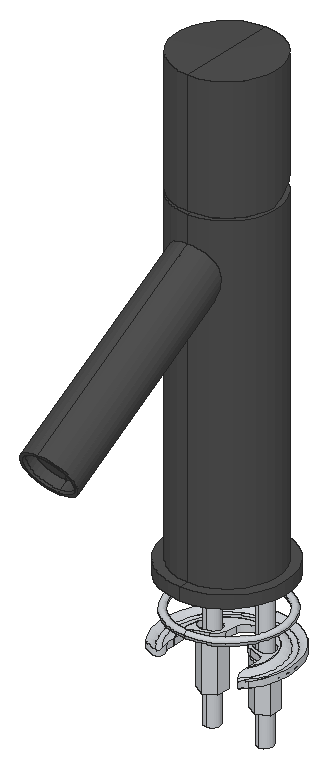
Revit family "Reece_Tap_Milli_Pure_Basin Mixer", category Plumbing Fixtures, host Face, Revit 2018
Family settings
  Host = Face
  Round Connector Dimension = Use Diameter
  Part Type = Normal
  Cut with Voids When Loaded = No
  Shared = Yes
  Room Calculation Point = Yes
Parameters (values of type "Matte Black")
  WFU = 0  # constant formula
  URL = "https://www.reece.com.au/product/-2281216"
  Type Comments = "Tap"
  Reece_Tap_Reach = 90.5 mm  # constant formula
  Reece_Tap_Inlet = 12 mm  # constant formula
  Reece_Tap_Clearance = 75 mm  # constant formula
  Reece_Product_Web Page = "https://www.reece.com.au/product/-2281216"
  Reece_Product_Type = "Tap"  # constant formula
  Reece_Product_Sub Brand = "Pure"  # constant formula
  Reece_Product_Number = "2281216"
  Reece_Product_Mount = "Hob Mounted"
  Reece_Product_Description = "Milli Pure Basin Mixer Tap Matte Black (6 Star)"
  Reece_Product_Brand = "Milli"  # constant formula
  Reece_Overall_Length = 120 mm  # constant formula
  Reece_Overall_Height = 190 mm  # constant formula
  Reece_Material_Main = Reece_Brass_Matte Black
  Reece_Detail_Tap_Handle Texture = ""
  Reece_Detail_Installation = ""
  Reece_Detail_Disclaimer = "THIS FILE IS THE PROPERTY OF THE REECE GROUP. IT MAY NOT BE REPRODUCED, REVERSE-ENGINEERED OR MODIFIED. ANY REPUBLICATION, TRANSMISSION OR DISTRIBUTION FOR THE PURPOSE OF COMMERCIALLY EXPLOITING THE FILES IS PROHIBITED."  # constant formula
  Reece_Detail_Connector = ""
  Reece_Detail_Additional = "Basin Mixer"  # constant formula
  Model = "Pure"
  Manufacturer = "Milli"
  Keynote = "Product #2281216, Reece_Tap_Milli_Pure_Basin Mixer - Matte Black"
  HWFU = 0  # constant formula
  Disclaimer = "THIS FILE IS THE PROPERTY OF THE REECE GROUP. IT MAY NOT BE REPRODUCED, REVERSE-ENGINEERED OR MODIFIED. ANY REPUBLICATION, TRANSMISSION OR DISTRIBUTION FOR THE PURPOSE OF COMMERCIALLY EXPLOITING THE FILES IS PROHIBITED."  # constant formula
  Description = "Milli Pure Basin Mixer Tap Matte Black (6 Star)"
  Default Elevation = 1000 mm
  CWFU = 0  # constant formula
Types (5, lengths in mm): name | URL | Reece_Product_Web Page | Reece_Product_Number | Reece_Product_Description | Reece_Material_Main | Keynote | Description
  Brushed Gunmetal | "https://www.reece.com.au/product/-2281294" | "https://www.reece.com.au/product/-2281294" | "2281294" | "Milli Pure Basin Mixer Tap Brushed Gunmetal (6 Star)" | Reece_Brass_Brushed Gunmetal | "Product #2281294, Reece_Tap_Milli_Pure_Basin Mixer - Brushed Gunmetal" | "Milli Pure Basin Mixer Tap Brushed Gunmetal (6 Star)"
  Chrome | "https://www.reece.com.au/product/-2263273" | "https://www.reece.com.au/product/-2263273" | "2263273" | "Milli Pure Basin Mixer Tap Chrome (6 Star)" | Reece_Brass_Chrome | "Product #2263273, Reece_Tap_Milli_Pure_Basin Mixer - Chrome" | "Milli Pure Basin Mixer Tap Chrome (6 Star)"
  Matte Black | "https://www.reece.com.au/product/-2281216" | "https://www.reece.com.au/product/-2281216" | "2281216" | "Milli Pure Basin Mixer Tap Matte Black (6 Star)" | Reece_Brass_Matte Black | "Product #2281216, Reece_Tap_Milli_Pure_Basin Mixer - Matte Black" | "Milli Pure Basin Mixer Tap Matte Black (6 Star)"
  PVD Brushed Bronze | "https://www.reece.com.au/product/-9511079" | "https://www.reece.com.au/product/-9511079" | "9511079" | "Milli Pure Basin Mixer Tap PVD Brushed Bronze (6 Star)" | Reece_PVD_Brushed Bronze | "Product #9511079, Reece_Tap_Milli_Pure_Basin Mixer - PVD Brushed Bronze" | "Milli Pure Basin Mixer Tap PVD Brushed Bronze (6 Star)"
  PVD Brushed Gold | "https://www.reece.com.au/product/-9510894" | "https://www.reece.com.au/product/-9510894" | "9510894" | "Milli Pure Basin Mixer Tap PVD Brushed Gold (6 Star)" | Reece_PVD_Brushed Gold | "Product #9510894, Reece_Tap_Milli_Pure_Basin Mixer - PVD Brushed Gold" | "Milli Pure Basin Mixer Tap PVD Brushed Gold (6 Star)"
Reference planes
  plane 1 "Center (Front/Back)": y = 0
  plane 2 "Bottom": z = 0
  plane 3 "Center (Left/Right)": x = 0
  plane 4 "Top": z = 190
  plane 5: through (0, -10.171, 121.379) normal (0, -0.5, 0.866)
  plane 6: z = 75
  plane 7: y = -90.5
  plane 8: y = -96.001
Forms (mm)
  Revolve 1, solid, material "Reece_Brass_Matte Black" <- "Reece_Material_Main"
    sketch origin (0, 0, 0) x (0, 1, 0) y (0, 0, 1)
      loop
        line (20, 5) -> (20, 138.992) -> (17.999, 138.992)
        arc (17.999, 138.992) -> (11.253, 148.706) -> (0, 152.346) r 18.496
        line (0, 152.346) -> (0, 0) -> (23.999, 0) -> (23.999, 5) -> (20, 5)
      axis (0, 152.346) -> (0, 0)
    angle from 0 to 360
  Extrusion 2, void
    sketch origin (0, 0, 0) x (0, 1, 0) y (0, 0, 1)
      loop
        line (-8.89, 136.876) -> (-3.947, 126.383)
        arc (-3.947, 126.383) -> (16.525, 135.603) -> (36.813, 145.223) r 1144.701
        line (36.813, 145.223) -> (31.828, 155.805)
        arc (31.828, 155.805) -> (11.564, 146.135) -> (-8.89, 136.876) r 1114.719
    from -30 to 30
  Revolve 3, solid, material "Reece_Brass_Matte Black" <- "Reece_Material_Main"
    sketch origin (0, 0, 0) x (0, 1, 0) y (0, 0, 1)
      loop
        line (20, 140.292) -> (20, 189.782)
        arc (20, 189.782) -> (10.001, 189.946) -> (0, 190) r 905.551
        line (0, 190) -> (0, 188)
        arc (0, 188) -> (9, 187.956) -> (18, 187.823) r 903.551
        line (18, 187.823) -> (18, 140.333)
        arc (18, 140.333) -> (19, 140.313) -> (20, 140.292) r 905.551
      axis (0, 190) -> (0, 140.292)
    angle from 0 to 360
  Revolve 4, solid, material "Reece_Brass_Matte Black" <- "Reece_Material_Main"
    sketch origin (0, 0, 0) x (0, 1, 0) y (0, 0, 1)
      loop
        line (-9.893, 134.241) -> (-96.001, 84.526) -> (-95.501, 83.66) -> (-82.098, 91.398) -> (-77.1, 82.737) -> (-75.892, 83.435) -> (-79.391, 89.497) -> (-7.893, 130.777) -> (-9.893, 134.241)
      axis (-90.501, 75) -> (-4.393, 124.715)
    angle from 0 to 360
  Extrusion 5, void
    sketch origin (0, 2, 0) x (1, 0, 0) y (0, 1, 0)
      loop
        circle (-7, -9.5) r 6.7
      loop
        circle (-10.749, 4.019) r 3.519
      loop
        circle (10.75, 4) r 3.5
      loop
        circle (7, -9.5) r 6.7
    from 0 to 4
  Extrusion 6, solid
    sketch origin (0, 2, 0) x (0, 1, 0) y (1, 0, 0)
      loop
        circle (4, 10.75) r 3
      loop
        circle (4, -10.75) r 3
    from 0 to 61.5
  Revolve 7, solid
    sketch origin (0, 0, -7) x (0, 1, 0) y (0, 0, 1)
      loop
        arc (18.75, -21.5) -> (21.75, -23) -> (24.75, -21.5) r 3.75
        line (24.75, -21.5) -> (25.75, -21.5) -> (25.75, -19)
        arc (25.75, -19) -> (24.212, -19.499) -> (22.941, -20.498) r 4.61
        arc (22.941, -20.498) -> (21.841, -21) -> (20.728, -20.527) r 1.5
        arc (20.728, -20.527) -> (19.122, -19.398) -> (17.2, -19) r 4.84
        line (17.2, -19) -> (17.2, -21.5) -> (18.75, -21.5)
      axis (0, -19) -> (0, -21.5)
    angle from 0 to 360
  Extrusion 8, solid
    sketch origin (0, 0, -30) x (1, 0, 0) y (0, 1, 0)
      loop
        arc (-9.053, 2.711) -> (-6.961, 7.197) -> (-11.447, 9.289) r 3.5
        line (-11.447, 9.289) -> (-13.326, 8.605)
        arc (-13.326, 8.605) -> (-15.418, 4.119) -> (-10.932, 2.027) r 3.5
        line (-10.932, 2.027) -> (-9.053, 2.711)
      loop
        arc (-5.01, 5.791) -> (-6.06, 3.288) -> (-8.263, 1.702) r 5
        line (-8.263, 1.702) -> (-13.684, -0.271)
        arc (-13.684, -0.271) -> (-14.638, -1.003) -> (-15, -2.15) r 2
        line (-15, -2.15) -> (-15, -8.417)
        arc (-15, -8.417) -> (0, 17.2) -> (15, -8.417) r 17.2
        line (15, -8.417) -> (15, -2.15)
        arc (15, -2.15) -> (14.638, -1.003) -> (13.684, -0.271) r 2
        line (13.684, -0.271) -> (8.263, 1.702)
        arc (8.263, 1.702) -> (6.06, 3.288) -> (5.01, 5.791) r 5
        line (5.01, 5.791) -> (4.466, 10.221)
        arc (4.466, 10.221) -> (0, 14.173) -> (-4.466, 10.221) r 4.5
        line (-4.466, 10.221) -> (-5.01, 5.791)
      loop
        arc (11.447, 9.289) -> (6.961, 7.197) -> (9.053, 2.711) r 3.5
        line (9.053, 2.711) -> (10.932, 2.027)
        arc (10.932, 2.027) -> (15.418, 4.119) -> (13.326, 8.605) r 3.5
        line (13.326, 8.605) -> (11.447, 9.289)
    from 1.5 to 4
  Extrusion 9, solid
    sketch origin (0, 0, -7) x (1, 0, 0) y (0, 1, 0)
      loop
        circle (10.75, 6) r 3
      loop
        line (10.75, 11.196) -> (6.25, 8.598) -> (6.25, 3.402) -> (10.75, 0.804) -> (15.25, 3.402) -> (15.25, 8.598) -> (10.75, 11.196)
      loop
        circle (-10.75, 6) r 3
      loop
        line (-10.75, 11.196) -> (-15.25, 8.598) -> (-15.25, 3.402) -> (-10.75, 0.804) -> (-6.25, 3.402) -> (-6.25, 8.598) -> (-10.75, 11.196)
    from -41.5 to -23
  Revolve 10, solid
    sketch origin (0, 0, 0) x (0, 1, 0) y (0, 0, 1)
      loop
        circle (22.2, -14) r 1.3
      axis (1, -14) -> (1, -13)
    angle from 0 to 360
  Extrusion 11, void
    sketch origin (0, 0, -23) x (1, 0, 0) y (0, 1, 0)
      loop
        line (27.556, -34.599) -> (27.556, -14.961) -> (20.958, -14.961)
        arc (20.958, -14.961) -> (17.049, -15.272) -> (15, -11.93) r 3.75
        line (15, -11.93) -> (15, -8.417) -> (-15, -8.417) -> (-15, -11.93)
        arc (-15, -11.93) -> (-17.049, -15.272) -> (-20.958, -14.961) r 3.75
        line (-20.958, -14.961) -> (-27.556, -14.961) -> (-27.556, -34.599) -> (27.556, -34.599)
    from -13.943 to 5
  Extrusion 12, void
    sketch origin (0, 0, 0) x (1, 0, 0) y (0, 1, 0)
      loop
        circle (0, 0) r 20
    from 0 to -50
  Revolve 13, solid, material "Reece_Brass_Matte Black"
    sketch origin (0, -39.358, -46.196) x (0, 0.905985, -0.42331) y (0, 0.42331, 0.905985)
      loop
        line (-89.483, 83.495) -> (-89.57, 82.499) -> (-85.486, 88.322) -> (-93.554, 93.982) -> (-94.828, 92.166) -> (-87.169, 86.793) -> (-89.483, 83.495)
      axis (-97.645, 88.143) -> (-93.56, 93.986)
    angle from 0 to 360
Cuts and joins
  Extrusion 2 cuts Revolve 3
  Extrusion 5 cuts Revolve 1
  Extrusion 5 cuts Revolve 4
  joined: Revolve 1, Revolve 4
  Extrusion 5 cuts Extrusion 6
  Extrusion 11 cuts Revolve 7
Text (mm)
  text "Reece Copyright © 2018, Reece Ltd." at (-1403.988, -1192.393, 0), in view "Ref. Level"
  text "Reece ©" at (44.384, 258.95, 192.345), in view "Reece Preview"
Dimensions and locks
  "Reece_Tap_Clearance": plane 6 to plane 2 "Bottom"
  "Reece_Tap_Reach": plane 1 "Center (Front/Back)" to plane 7
  "Reece_Overall_Height": plane 4 "Top" to plane 2 "Bottom"
  "Reece_Overall_Length": cut or joined group of Revolve 1, Revolve 4, Extrusion 5 to plane 8
  angle plane 1 "Center (Front/Back)" to plane 5 = 60.00°
  aligned and locked: plane 2 "Bottom" to host face
  aligned and locked: level to host face
Automatic sketch dimensions
  host sketch curve to host sketch curve = 380.785 mm
  host sketch curve to host sketch curve = 317.421 mm
  Extrusion 2 sketch curve to Extrusion 2 sketch curve = 5.416 mm
  plane 1 "Center (Front/Back)" to Extrusion 2 sketch curve = 8.89 mm
  plane 1 "Center (Front/Back)" to Extrusion 2 sketch curve = 3.947 mm
  Extrusion 2 sketch curve to plane 1 "Center (Front/Back)" = 31.828 mm
  Extrusion 2 sketch curve to Extrusion 2 sketch curve = 4.985 mm
  plane 6 to Extrusion 2 sketch curve = 51.383 mm
  Extrusion 2 sketch curve to Extrusion 2 sketch curve = 10.493 mm
  Extrusion 2 sketch curve to Extrusion 2 sketch curve = 18.84 mm
  Extrusion 2 sketch curve to Extrusion 2 sketch curve = 10.582 mm
  Revolve 3 sketch curve to Revolve 3 sketch curve = 0 mm  (x2)
  Revolve 3 sketch curve to plane 1 "Center (Front/Back)" = 0 mm  (x2)
  Revolve 3 sketch curve to plane 4 "Top" = 0 mm
  Revolve 3 sketch curve to plane 1 "Center (Front/Back)" = 0.11 mm  (x2)
  Revolve 3 sketch curve to plane 4 "Top" = 2.177 mm
  Revolve 3 sketch curve to Revolve 3 sketch curve = 47.531 mm
  Revolve 3 sketch curve to Revolve 3 sketch curve = 9.577 mm
  Revolve 3 sketch curve to Revolve 3 sketch curve = 10 mm
  plane 7 to Extrusion 2 sketch curve = 367.845 mm
  Revolve 1 sketch curve to plane 1 "Center (Front/Back)" = 0 mm  (x2)
  level to Revolve 1 sketch curve = 0 mm
  Revolve 1 sketch curve to plane 1 "Center (Front/Back)" = 0.232 mm
  Revolve 1 sketch curve to plane 1 "Center (Front/Back)" = 17.999 mm
  Revolve 1 sketch curve to Revolve 1 sketch curve = 2.001 mm
  level to Revolve 1 sketch curve = 5 mm
  Revolve 1 sketch curve to plane 4 "Top" = 56.148 mm
  Revolve 1 sketch curve to Revolve 1 sketch curve = 5.14 mm
  Revolve 1 sketch curve to level = 153.173 mm
  plane 4 "Top" to Revolve 1 sketch curve = 146.433 mm
  Revolve 3 sketch curve to Revolve 3 sketch curve = 0.042 mm
  Revolve 3 sketch curve to plane 1 "Center (Front/Back)" = 18 mm
  Extrusion 5 sketch curve to plane 3 "Center (Left/Right)" = 10.749 mm
  Extrusion 5 sketch curve to plane 3 "Center (Left/Right)" = 7 mm
  plane 3 "Center (Left/Right)" to Extrusion 5 sketch curve = 7 mm
  plane 3 "Center (Left/Right)" to Extrusion 5 sketch curve = 10.75 mm
  plane 1 "Center (Front/Back)" to Extrusion 5 sketch curve = 7.5 mm  (x2)
  Extrusion 5 sketch curve to plane 1 "Center (Front/Back)" = 6 mm
  Extrusion 5 sketch curve to plane 1 "Center (Front/Back)" = 6.019 mm
  Extrusion 6 sketch curve to plane 1 "Center (Front/Back)" = 6 mm  (x2)
  plane 3 "Center (Left/Right)" to Extrusion 6 sketch curve = 10.75 mm
  Extrusion 6 sketch curve to plane 3 "Center (Left/Right)" = 10.75 mm
  Revolve 7 sketch curve to plane 1 "Center (Front/Back)" = 0 mm
  Revolve 7 sketch curve to level = 26 mm
  Revolve 7 sketch curve to plane 1 "Center (Front/Back)" = 17.2 mm
  Revolve 7 sketch curve to Revolve 7 sketch curve = 1.55 mm
  Revolve 7 sketch curve to Revolve 7 sketch curve = 3 mm
  Revolve 7 sketch curve to Revolve 7 sketch curve = 0.072 mm
  Revolve 7 sketch curve to level = 28.5 mm
  Revolve 7 sketch curve to Revolve 7 sketch curve = 2.928 mm
  Revolve 7 sketch curve to Revolve 7 sketch curve = 1 mm
  Revolve 7 sketch curve to level = 30.566 mm
  Revolve 7 sketch curve to Revolve 7 sketch curve = 0.632 mm
  Revolve 7 sketch curve to level = 30.84 mm
  Revolve 7 sketch curve to level = 26.5 mm
  Revolve 7 sketch curve to Revolve 7 sketch curve = 0.25 mm
  Revolve 7 sketch curve to Revolve 7 sketch curve = 2.5 mm
  Revolve 7 sketch curve to Revolve 7 sketch curve = 0 mm
  Revolve 7 sketch curve to Revolve 7 sketch curve = 316.97 mm
  plane 4 "Top" to Revolve 7 sketch curve = 646.832 mm
  plane 1 "Center (Front/Back)" to Extrusion 8 sketch curve = 0 mm
  Extrusion 8 sketch curve to plane 3 "Center (Left/Right)" = 0 mm  (x2)
  Extrusion 8 sketch curve to plane 3 "Center (Left/Right)" = 4.466 mm
  Extrusion 8 sketch curve to Extrusion 8 sketch curve = 0.544 mm  (x2)
  Extrusion 8 sketch curve to plane 1 "Center (Front/Back)" = 1.702 mm  (x2)
  Extrusion 8 sketch curve to Extrusion 8 sketch curve = 3.253 mm  (x2)
  Extrusion 8 sketch curve to plane 1 "Center (Front/Back)" = 2.711 mm
  Extrusion 8 sketch curve to Extrusion 8 sketch curve = 0.79 mm  (x2)
  Extrusion 8 sketch curve to Extrusion 8 sketch curve = 0.92 mm  (x2)
  Extrusion 8 sketch curve to Extrusion 8 sketch curve = 0.277 mm  (x2)
  Extrusion 8 sketch curve to plane 1 "Center (Front/Back)" = 2.027 mm  (x2)
  Extrusion 8 sketch curve to Extrusion 8 sketch curve = 1.879 mm  (x6)
  Extrusion 8 sketch curve to Extrusion 8 sketch curve = 1.474 mm  (x2)
  Extrusion 8 sketch curve to Extrusion 8 sketch curve = 2.068 mm  (x2)
  Extrusion 8 sketch curve to plane 1 "Center (Front/Back)" = 8.605 mm
  plane 1 "Center (Front/Back)" to Extrusion 8 sketch curve = 0.271 mm  (x2)
  Extrusion 8 sketch curve to Extrusion 8 sketch curve = 0.684 mm  (x2)
  Extrusion 8 sketch curve to Extrusion 8 sketch curve = 2 mm
  plane 3 "Center (Left/Right)" to Extrusion 8 sketch curve = 4.466 mm
  plane 1 "Center (Front/Back)" to Extrusion 8 sketch curve = 2.15 mm
  Extrusion 8 sketch curve to Extrusion 8 sketch curve = 6.266 mm
  Extrusion 8 sketch curve to Extrusion 8 sketch curve = 1.009 mm
  Extrusion 8 sketch curve to Extrusion 8 sketch curve = 3.289 mm
  Extrusion 8 sketch curve to Extrusion 8 sketch curve = 3.08 mm  (x2)
  Extrusion 8 sketch curve to Extrusion 8 sketch curve = 0.401 mm  (x2)
  Extrusion 8 sketch curve to Extrusion 8 sketch curve = 3.882 mm
  Extrusion 8 sketch curve to Extrusion 8 sketch curve = 4.43 mm
  Extrusion 9 sketch curve to plane 3 "Center (Left/Right)" = 15.25 mm
  Extrusion 9 sketch curve to plane 1 "Center (Front/Back)" = 0.804 mm  (x2)
  Extrusion 9 sketch curve to Extrusion 9 sketch curve = 4.5 mm  (x6)
  Extrusion 9 sketch curve to Extrusion 9 sketch curve = 0 mm  (x2)
  plane 3 "Center (Left/Right)" to Extrusion 9 sketch curve = 6.25 mm
  Extrusion 9 sketch curve to plane 1 "Center (Front/Back)" = 3.402 mm  (x4)
  Extrusion 9 sketch curve to Extrusion 9 sketch curve = 5.196 mm  (x7)
  Extrusion 9 sketch curve to Extrusion 9 sketch curve = 2.598 mm
  Revolve 10 sketch curve to level = 14 mm  (x2)
  Revolve 10 sketch curve to plane 1 "Center (Front/Back)" = 22.2 mm
  Revolve 10 sketch curve to plane 1 "Center (Front/Back)" = 1 mm
  Revolve 10 sketch curve to Revolve 10 sketch curve = 4.102 mm
  Extrusion 11 sketch curve to plane 3 "Center (Left/Right)" = 27.556 mm
  Extrusion 11 sketch curve to Extrusion 11 sketch curve = 6.599 mm  (x2)
  Extrusion 11 sketch curve to Extrusion 11 sketch curve = 2.208 mm  (x2)
  Extrusion 11 sketch curve to Extrusion 11 sketch curve = 3.75 mm  (x2)
  plane 3 "Center (Left/Right)" to Extrusion 11 sketch curve = 15 mm
  plane 1 "Center (Front/Back)" to Extrusion 11 sketch curve = 34.599 mm
  plane 1 "Center (Front/Back)" to Extrusion 11 sketch curve = 14.961 mm  (x2)
  Extrusion 11 sketch curve to Extrusion 11 sketch curve = 3.514 mm
  Extrusion 12 sketch curve to Extrusion 12 sketch curve = 0 mm  (x2)
  Extrusion 12 sketch curve to plane 3 "Center (Left/Right)" = 0 mm
  plane 1 "Center (Front/Back)" to Extrusion 12 sketch curve = 0 mm
  plane 1 "Center (Front/Back)" to Extrusion 12 sketch curve = 20 mm
  Revolve 3 sketch curve to Revolve 3 sketch curve = 2 mm
  Revolve 3 sketch curve to plane 4 "Top" = 0.218 mm
  Revolve 1 sketch curve to Revolve 1 sketch curve = 3.999 mm
  Revolve 13 sketch curve to plane 8 = 9.745 mm
  Revolve 13 sketch curve to Revolve 13 sketch curve = 1.274 mm
  plane 6 to Revolve 13 sketch curve = 8.537 mm
  Revolve 13 sketch curve to plane 8 = 10.416 mm
  plane 6 to Revolve 13 sketch curve = 7.671 mm
  Revolve 13 sketch curve to Revolve 13 sketch curve = 0.087 mm
  Revolve 13 sketch curve to plane 8 = 14.409 mm
  plane 8 to Revolve 13 sketch curve = 16.582 mm
  plane 6 to Revolve 13 sketch curve = 0 mm
  Revolve 13 sketch curve to Revolve 13 sketch curve = 2.811 mm
  plane 8 to Revolve 13 sketch curve = 25.617 mm
  Revolve 13 sketch curve to Revolve 13 sketch curve = 13.209 mm
  Revolve 4 sketch curve to plane 5 = 0 mm  (x4)
  Revolve 4 sketch curve to plane 8 = 0 mm
  plane 8 to Revolve 4 sketch curve = 0.5 mm
  Revolve 4 sketch curve to plane 7 = 8.402 mm
  Revolve 4 sketch curve to Revolve 4 sketch curve = 2.708 mm
  plane 6 to Revolve 4 sketch curve = 7.737 mm
  plane 6 to Revolve 4 sketch curve = 8.435 mm
  plane 1 "Center (Front/Back)" to Revolve 4 sketch curve = 9.893 mm
  Revolve 4 sketch curve to Revolve 4 sketch curve = 2 mm
  plane 6 to Revolve 4 sketch curve = 8.66 mm
  Revolve 4 sketch curve to Revolve 4 sketch curve = 0.866 mm
  Revolve 4 sketch curve to Revolve 4 sketch curve = 6.062 mm
  Revolve 4 sketch curve to Revolve 4 sketch curve = 1.901 mm
  plane 6 to Revolve 4 sketch curve = 55.777 mm
  Revolve 4 sketch curve to Revolve 4 sketch curve = 3.464 mm
  Revolve 4 sketch curve to plane 6 = 10.065 mm
  plane 6 to Revolve 4 sketch curve = 14.935 mm
  radius of Extrusion 5 sketch curve = 6.7 mm  (x2)
  radius of Extrusion 5 sketch curve = 3.519 mm
  radius of Extrusion 5 sketch curve = 3.5 mm
  radius of Extrusion 6 sketch curve = 3 mm  (x2)
  radius of Extrusion 9 sketch curve = 3 mm  (x2)
  radius of Revolve 10 sketch curve = 1.3 mm
Connectors
  piping at (-7, -7.5, 4), diameter 12, driven by "Reece_Tap_Inlet"
    settings: on cut or joined group of Revolve 1, Revolve 4, Extrusion 5, index 1, connector inside diameter 609.6 mm, connector length 0 mm, flow factor 0, pipe flow 0.0 L/s, pressure drop 0.0 Pa, fitting loss kfactor 0, connector angle 0.00°, fixture units 0, engagement length 0 mm, angle of deflection 0.00°, flow configuration 0, flow direction 1, fitting loss method 0, system type 29, joint type 0, gender type 0, connector reference index -1, connector utility 0, adjustable connector no, is connector primary yes, connector description ""
  piping at (7, -7.5, 4), diameter 12, driven by "Reece_Tap_Inlet"
    settings: on cut or joined group of Revolve 1, Revolve 4, Extrusion 5, index 2, connector inside diameter 609.6 mm, connector length 0 mm, flow factor 0, pipe flow 0.0 L/s, pressure drop 0.0 Pa, fitting loss kfactor 0, connector angle 0.00°, fixture units 0, engagement length 0 mm, angle of deflection 0.00°, flow configuration 0, flow direction 1, fitting loss method 0, system type 29, joint type 0, gender type 0, connector reference index -1, connector utility 0, adjustable connector no, is connector primary no, connector description ""
